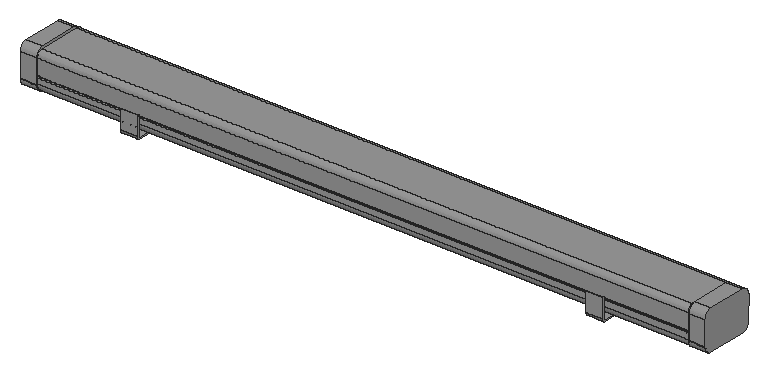
Revit family "EURS_63_LF_FB_Pacific LED_WT490C L1200", category Lighting Fixtures, host Face, Revit 2019
Family settings
  Host = Face
  Round Connector Dimension = Use Diameter
  Part Type = Normal
  Cut with Voids When Loaded = No
  Light Source = No
  Shared = Yes
  Room Calculation Point = No
Parameters
  Width = 96 mm
  Visibility 2D symbol [instance] = not(Visibility 2D outline)  # yes
  Visibility 2D outline [instance] = no
  URL = "http://www.lighting.philips.com/main/home"
  Type Comments = "Face Based"
  Side = 30 mm
  Product catalog - URL = "http://www.lighting.philips.com/main/prof/indoor-luminaires/waterproof-and-cleanroom/waterproof-luminaires/pacific-led-gen4/910925863792_EU/product"
  Order code = ""
  Model = "WT490C L1200"
  Manufacturer = "Philips"
  Light source = 82 mm
  Light loss factor = ""
  Length = 1221 mm
  Last IES update = "23-11-2021"
  Lamp type = WT490C IES Data : PSD EL3 L1200 1 xLED42S_830 NB-HRO
  Lamp = "LAMP TYPE"
  Initial luminous flux (lm) = ""
  Init. Corr. Color Temperature (K) = ""
  Hanger distance = 800 mm
  Hanger = 30 mm
  Fixture code = ""
  ETIM code URL = ""
  ETIM code = ""
  EOC = "EOC CODE"
  Description = "PacificLED Gen5"
  Default Elevation = 0 mm
  Content version = "1.0"
  Content modified date = "23-11-2021"
  Content creation date = "29-07-2021"
  Content Creator = "https://www.cadac.com/bimcontent"
  BIM Library - URL = "http://www.lighting.philips.com/main/support/support/revit-library#page=1"
  Armatuurcode [instance] = ""
  Apparent Load = 15.1 VA
  12NC = ""
Reference planes
  plane 1 "Center (Front/Back)": y = 0
  plane 2: z = 0
  plane 3 "Center (Left/Right)": x = 0
  plane 4: y = 48
  plane 5: y = -48
  plane 6: x = -610.5
  plane 7: x = 610.5
  plane 8: x = -400
  plane 9: x = 400
  plane 10 "Light source": z = 82
Forms (mm)
  Extrusion 1, solid, material "Polycarbonate"
    sketch origin (0, 0, 0) x (0, 1, 0) y (0, 0, 1)
      loop
        line (48, 25.295) -> (48, 35.5)
        arc (48, 35.5) -> (47.268, 37.268) -> (45.5, 38) r 2.5
        line (45.5, 38) -> (36, 38) -> (36, 58) -> (-36, 58) -> (-36, 38) -> (-45.5, 38)
        arc (-45.5, 38) -> (-47.268, 37.268) -> (-48, 35.5) r 2.5
        line (-48, 35.5) -> (-48, 25.295)
        arc (-48, 25.295) -> (-44.106, 15.894) -> (-34.705, 12) r 13.295
        line (-34.705, 12) -> (34.705, 12)
        arc (34.705, 12) -> (44.106, 15.894) -> (48, 25.295) r 13.295
    from -580.5 to 580.5
  Extrusion 2, solid, material "Polycarbonate-clear"
    sketch origin (0, 0, 0) x (0, 1, 0) y (0, 0, 1)
      loop
        arc (47.685, 38) -> (47.92, 38.568) -> (48, 39.178) r 2.359
        line (48, 39.178) -> (48, 68.018)
        arc (48, 68.018) -> (45.068, 75.097) -> (37.988, 78.03) r 10.012
        line (37.988, 78.03) -> (-38.064, 78.03)
        arc (-38.064, 78.03) -> (-45.179, 75.082) -> (-48.126, 67.967) r 10.062
        line (-48.126, 67.967) -> (-48.126, 39.501)
        arc (-48.126, 39.501) -> (-48.013, 38.719) -> (-47.685, 38) r 2.775
        line (-47.685, 38) -> (47.685, 38)
    from -580.5 to 580.5
  Extrusion 3, solid, material "Steel"
    sketch origin (0, 0, 0) x (0, 1, 0) y (0, 0, 1)
      loop
        line (48, 38) -> (48, 5.933)
        arc (48, 5.933) -> (46.848, 3.152) -> (44.067, 2) r 3.933
        line (44.067, 2) -> (-44.067, 2)
        arc (-44.067, 2) -> (-46.848, 3.152) -> (-48, 5.933) r 3.933
        line (-48, 5.933) -> (-48, 38) -> (-41, 38) -> (-41, 40) -> (-50, 40) -> (-50, 5.933)
        arc (-50, 5.933) -> (-48.262, 1.738) -> (-44.067, 0) r 5.933
        line (-44.067, 0) -> (44.067, 0)
        arc (44.067, 0) -> (48.262, 1.738) -> (50, 5.933) r 5.933
        line (50, 5.933) -> (50, 40) -> (41, 40) -> (41, 38) -> (48, 38)
    from 400 to 430
  Extrusion 4, solid, material "Steel"
    sketch origin (0, 0, 0) x (0, 1, 0) y (0, 0, 1)
      loop
        line (48, 38) -> (48, 5.933)
        arc (48, 5.933) -> (46.848, 3.152) -> (44.067, 2) r 3.933
        line (44.067, 2) -> (-44.067, 2)
        arc (-44.067, 2) -> (-46.848, 3.152) -> (-48, 5.933) r 3.933
        line (-48, 5.933) -> (-48, 38) -> (-41, 38) -> (-41, 40) -> (-50, 40) -> (-50, 5.933)
        arc (-50, 5.933) -> (-48.262, 1.738) -> (-44.067, 0) r 5.933
        line (-44.067, 0) -> (44.067, 0)
        arc (44.067, 0) -> (48.262, 1.738) -> (50, 5.933) r 5.933
        line (50, 5.933) -> (50, 40) -> (41, 40) -> (41, 38) -> (48, 38)
    from -430 to -400
  Extrusion 5, solid, material "Polycarbonate"
    sketch origin (0, 0, 0) x (0, 1, 0) y (0, 0, 1)
      loop
        line (34.705, 80) -> (-34.705, 80)
        arc (-34.705, 80) -> (-44.106, 76.106) -> (-48, 66.705) r 13.295
        line (-48, 66.705) -> (-48, 24.733) -> (-48, 23.295)
        arc (-48, 23.295) -> (-44.106, 13.894) -> (-34.705, 10) r 13.295
        line (-34.705, 10) -> (34.705, 10)
        arc (34.705, 10) -> (44.106, 13.894) -> (48, 23.295) r 13.295
        line (48, 23.295) -> (48, 25.812) -> (48, 66.705)
        arc (48, 66.705) -> (44.106, 76.106) -> (34.705, 80) r 13.295
    from 580.5 to 610.5
  Extrusion 6, solid, material "Polycarbonate"
    sketch origin (0, 0, 0) x (0, 1, 0) y (0, 0, -1)
      loop
        arc (34.705, -80) -> (44.106, -76.106) -> (48, -66.705) r 13.295
        line (48, -66.705) -> (48, -25.812) -> (48, -23.295)
        arc (48, -23.295) -> (44.106, -13.894) -> (34.705, -10) r 13.295
        line (34.705, -10) -> (-34.705, -10)
        arc (-34.705, -10) -> (-44.106, -13.894) -> (-48, -23.295) r 13.295
        line (-48, -23.295) -> (-48, -24.733) -> (-48, -66.705)
        arc (-48, -66.705) -> (-44.106, -76.106) -> (-34.705, -80) r 13.295
        line (-34.705, -80) -> (34.705, -80)
    from 580.5 to 610.5
Dimensions and locks
  equal spacing: host sketch curve, plane 1 "Center (Front/Back)", host sketch curve
  equal spacing: host sketch curve, plane 3 "Center (Left/Right)", host sketch curve
  equal spacing: plane 4, plane 1 "Center (Front/Back)", plane 5
  "Width": plane 4 to plane 5
  equal spacing: plane 7, plane 3 "Center (Left/Right)", plane 6
  "Length": plane 7 to plane 6
  "Side": Extrusion 5 to Extrusion 5
  equal spacing: plane 9, plane 3 "Center (Left/Right)", plane 8
  "Hanger distance": plane 9 to plane 8
  "Hanger": Extrusion 3 to Extrusion 3
  "Hanger": Extrusion 4 to Extrusion 4
  "Light source": plane 10 "Light source" to level
  "Side": Extrusion 6 to Extrusion 6
  aligned and locked: plane 2 to host face
  aligned and locked: level to host face
  aligned and locked: Extrusion 2 to Extrusion 5
  aligned and locked: Extrusion 1 to Extrusion 2
  aligned and locked: Extrusion 2 to Extrusion 1
  aligned and locked: Extrusion 2 to plane 4
  aligned and locked: plane 4 to Extrusion 4
  aligned and locked: Extrusion 4 to plane 5
  aligned and locked: plane 7 to Extrusion 5
  aligned and locked: Extrusion 3 to plane 9
  aligned and locked: plane 8 to Extrusion 4
  aligned and locked: Extrusion 6 to plane 6
  aligned and locked: Extrusion 2 to Extrusion 6
Automatic sketch dimensions
  Extrusion 1 sketch curve to plane 5 = 0 mm
  Extrusion 1 sketch curve to plane 4 = 0 mm
  Extrusion 1 sketch curve to Extrusion 1 sketch curve = 2.5 mm  (x2)
  Extrusion 1 sketch curve to Extrusion 1 sketch curve = 9.5 mm
  Extrusion 1 sketch curve to plane 5 = 13.295 mm
  Extrusion 1 sketch curve to Extrusion 1 sketch curve = 13.295 mm
  plane 4 to Extrusion 1 sketch curve = 12 mm
  level to Extrusion 1 sketch curve = 12 mm
  Extrusion 1 sketch curve to Extrusion 1 sketch curve = 10.205 mm  (x2)
  Extrusion 1 sketch curve to Extrusion 1 sketch curve = 20 mm
  Extrusion 2 sketch curve to plane 4 = 0 mm
  plane 4 to Extrusion 2 sketch curve = 0.315 mm
  Extrusion 2 sketch curve to Extrusion 2 sketch curve = 2.044 mm
  Extrusion 2 sketch curve to plane 10 "Light source" = 3.97 mm
  plane 4 to Extrusion 2 sketch curve = 10.012 mm
  Extrusion 2 sketch curve to plane 5 = 9.936 mm
  Extrusion 2 sketch curve to plane 5 = 2.649 mm
  Extrusion 2 sketch curve to plane 5 = 0.315 mm
  plane 5 to Extrusion 2 sketch curve = 0.126 mm
  Extrusion 2 sketch curve to Extrusion 2 sketch curve = 28.466 mm
  Extrusion 3 sketch curve to Extrusion 3 sketch curve = 0 mm  (x4)
  Extrusion 3 sketch curve to plane 5 = 0 mm
  Extrusion 3 sketch curve to level = 0 mm
  Extrusion 3 sketch curve to plane 4 = 0 mm
  Extrusion 3 sketch curve to Extrusion 3 sketch curve = 2 mm  (x3)
  Extrusion 3 sketch curve to Extrusion 3 sketch curve = 3.933 mm
  Extrusion 3 sketch curve to plane 5 = 7 mm
  Extrusion 3 sketch curve to Extrusion 3 sketch curve = 7 mm
  plane 4 to Extrusion 3 sketch curve = 3.933 mm
  Extrusion 3 sketch curve to Extrusion 3 sketch curve = 32.067 mm  (x2)
  Extrusion 4 sketch curve to Extrusion 4 sketch curve = 0 mm  (x4)
  Extrusion 4 sketch curve to plane 5 = 0 mm
  Extrusion 4 sketch curve to level = 0 mm
  Extrusion 4 sketch curve to plane 4 = 0 mm
  Extrusion 4 sketch curve to Extrusion 4 sketch curve = 2 mm  (x3)
  Extrusion 4 sketch curve to plane 5 = 3.933 mm
  Extrusion 4 sketch curve to plane 5 = 7 mm
  Extrusion 4 sketch curve to Extrusion 4 sketch curve = 7 mm
  plane 4 to Extrusion 4 sketch curve = 3.933 mm
  Extrusion 4 sketch curve to Extrusion 4 sketch curve = 32.067 mm  (x2)
  Extrusion 5 sketch curve to plane 5 = 0 mm
  Extrusion 5 sketch curve to plane 4 = 0 mm
  Extrusion 5 sketch curve to plane 10 "Light source" = 2 mm
  Extrusion 5 sketch curve to plane 5 = 13.295 mm
  Extrusion 5 sketch curve to Extrusion 5 sketch curve = 13.295 mm  (x2)
  plane 4 to Extrusion 5 sketch curve = 13.295 mm
  level to Extrusion 5 sketch curve = 25.812 mm
  level to Extrusion 5 sketch curve = 24.733 mm
  Extrusion 5 sketch curve to Extrusion 5 sketch curve = 1.438 mm
  Extrusion 6 sketch curve to plane 5 = 0 mm
  Extrusion 6 sketch curve to plane 4 = 0 mm
  Extrusion 6 sketch curve to plane 10 "Light source" = 2 mm
  Extrusion 6 sketch curve to plane 5 = 13.295 mm
  Extrusion 6 sketch curve to Extrusion 6 sketch curve = 13.295 mm  (x2)
  plane 4 to Extrusion 6 sketch curve = 13.295 mm
  level to Extrusion 6 sketch curve = 25.812 mm
  level to Extrusion 6 sketch curve = 24.733 mm
  Extrusion 6 sketch curve to Extrusion 6 sketch curve = 1.438 mm
Nested families
  nested 1: "2D-PL-Rechthoekig" at (0, 0, 0), Width <- "Width", lengte <- "Length", visible <- "Visibility 2D outline", type "2D symbool"
    with lengte 1221 mm, Width 96 mm
  nested 2: "PL-TL armatuur plafond rechthoekig" at (0, 0, 0), visible <- "Visibility 2D symbol", l1 <- "Length", type "armatuur tl_generiek"
    with lengte 1200 mm, l1 1221 mm
  nested 3: "WT490C IES Data" at (-0.001, -0.006, 82) x (1, 0, 0) z (0, 0, -1), type <- "Lamp type", type "PSD EL3 L1200 1 xLED42S_830 NB-HRO"
Connectors
  electrical at (0, 0, 0), driven by "Apparent Load"
    settings: on host face, index 1, voltage 230 V, apparent load 0 VA, apparent load phase1 15.1 VA, apparent load phase2 0 VA, apparent load phase3 0 VA, power factor 1, load classification "Lighting", number of poles 1, system type 31, power factor state 1, is connector primary yes, connector utility no, sub classification motor no, connector description ""
Definition of nested family "2D-PL-Rechthoekig"
  Parameters (values of type "2D symbool")
    lengte [instance] = 1200 mm
    Width [instance] = 100 mm
    Type Comments = "GEEN CALCULATIEOBJECT"
    Manufacturer = ""
    Description = "Armatuur 2D symbool"
    Copyright © Cadac = "www.cadac.com/aec"
    Cadac content versie = ""
    Assembly Code = ""
  Reference planes
    plane 1 "Center (Front/Back)": y = 0
    plane 2: z = 0
    plane 3 "Center (Left/Right)": x = 0
    plane 4: y = 150
    plane 5: y = -150
    plane 6: y = 176.777
    plane 7: x = -176.777
    plane 8: x = 176.777
    plane 9: y = -176.777
    plane 10 "Cadac Group AEC": y = 0
    plane 11: y = 400
    plane 12: y = -191.421
    plane 13: y = -206.066
    plane 14: y = -220.711
    plane 15: y = -235.355
  Lines and regions (mm)
    symbolic lines
      curve 1: line (600, 50, 0) -> (600, -50, 0)
      curve 2: line (-600, 50, 0) -> (-600, -50, 0)
      curve 3: line (-600, 50, 0) -> (600, 50, 0)
      curve 4: line (-600, -50, 0) -> (600, -50, 0)
  Dimensions and locks
    equal spacing: curve 2, plane 3 "Center (Left/Right)", curve 1
    "lengte": curve 2 to curve 1
    equal spacing: plane 5, plane 1 "Center (Front/Back)", plane 4
    locked: plane 4 to plane 5 at 300
    equal spacing: curve 4, plane 1 "Center (Front/Back)", curve 3
    "Width": curve 4 to curve 3
    locked: plane 7 to plane 8 at 353.553
    locked: plane 6 to plane 9 at 353.553
    equal spacing: plane 7, plane 3 "Center (Left/Right)", plane 8
    equal spacing: plane 6, plane 1 "Center (Front/Back)", plane 9
    locked: plane 1 "Center (Front/Back)" to plane 11 at 400
    equal spacing: plane 9, plane 12, plane 13, plane 14, plane 15
    locked: plane 9 to plane 15 at 58.579
    aligned and locked: plane 10 "Cadac Group AEC" to plane 1 "Center (Front/Back)"
Definition of nested family "PL-TL armatuur plafond rechthoekig"
  Parameters (values of type "armatuur tl_generiek")
    radius cirkel = 75 mm
    lengte [instance] = 1200 mm
    l1 [instance] = 1200 mm
    b2 = b1 * 2  # 100 mm
    b1 = 50 mm
    Type Comments = "GEEN CALCULATIEOBJECT"  # constant formula
    Manufacturer = ""
    Length lines in cirkel = (radius cirkel * 2) - 70 mm  # 80 mm
    Description = "Armatuur TL"
    Copyright © Cadac = "www.cadac.com/aec"
    Cadac content versie = "3.2"  # constant formula
    Assembly Code = ""
  Types (2, lengths in mm): name | radius cirkel | b2 | b1 | Length lines in cirkel
    armatuur tl_generiek | 75 | 100 | 50 | 80
    armatuur tl | 125 | 200 | 100 | 180
  Reference planes
    plane 1 "Center (Front/Back)": y = 0
    plane 2: z = 0
    plane 3 "Center (Left/Right)": x = 0
    plane 4: y = 50
    plane 5: y = -50
    plane 6: y = 176.777
    plane 7: x = -40
    plane 8: x = 40
    plane 9: y = -176.777
    plane 10 "Cadac Group AEC": y = 0
    plane 11: y = 400
    plane 12: y = -191.421
    plane 13: y = -206.066
    plane 14: y = -220.711
    plane 15: y = -235.355
  Lines and regions (mm)
    symbolic lines
      curve 1: circle (0, 0, 0) r 75 normal (0, 0, 1)
      curve 2: line (600, 50, 0) -> (600, -50, 0)
      curve 3: line (600, -8.333, 0) -> (74.536, -8.333, 0)
      curve 4: line (600, 8.333, 0) -> (74.536, 8.333, 0)
      curve 5: line (600, 25, 0) -> (70.711, 25, 0)
      curve 6: line (600, -25, 0) -> (70.711, -25, 0)
      curve 7: line (-600, 50, 0) -> (-600, -50, 0)
      curve 8: line (-600, -8.333, 0) -> (-74.536, -8.333, 0)
      curve 9: line (-600, 8.333, 0) -> (-74.536, 8.333, 0)
      curve 10: line (-600, 25, 0) -> (-70.711, 25, 0)
      curve 11: line (-600, -25, 0) -> (-70.711, -25, 0)
      curve 12: line (-40, 63.443, 0) -> (40, -63.443, 0)
      curve 13: line (-40, -63.443, 0) -> (40, 63.443, 0)
  Dimensions and locks
    equal spacing: curve 7, plane 3 "Center (Left/Right)", curve 2
    "l1": curve 7 to curve 2
    equal spacing: plane 5, plane 1 "Center (Front/Back)", plane 4
    equal spacing: curve 5, curve 4, curve 3, curve 6
    equal spacing: curve 5, plane 1 "Center (Front/Back)", curve 6
    "b1": curve 5 to curve 6
    equal spacing: curve 11, curve 8, curve 9, curve 10
    equal spacing: curve 11, plane 1 "Center (Front/Back)", curve 10
    "b1": curve 11 to curve 10
    "Length lines in cirkel": plane 7 to plane 8
    locked: plane 6 to plane 9 at 353.553
    equal spacing: plane 7, plane 3 "Center (Left/Right)", plane 8
    equal spacing: plane 6, plane 1 "Center (Front/Back)", plane 9
    locked: plane 1 "Center (Front/Back)" to plane 11 at 400
    equal spacing: plane 9, plane 12, plane 13, plane 14, plane 15
    locked: plane 9 to plane 15 at 58.579
    "b2": plane 5 to plane 4
    "radius cirkel": radius of curve 1
    aligned and locked: plane 4 to curve 7
    aligned and locked: plane 4 to curve 2
    aligned and locked: plane 5 to curve 2
    aligned and locked: plane 5 to curve 7
    aligned and locked: plane 10 "Cadac Group AEC" to plane 1 "Center (Front/Back)"
    aligned and locked: plane 7 to curve 12
    aligned and locked: plane 7 to curve 13
    aligned and locked: plane 8 to curve 13
    aligned and locked: plane 8 to curve 12
  Automatic sketch dimensions
    plane 1 "Center (Front/Back)" to curve 1 = 0 mm
    curve 1 to plane 3 "Center (Left/Right)" = 0 mm
Definition of nested family "WT490C IES Data"
  Parameters (values of type "SIA L1200 1 xLED80S_840 WB")
    Wattage = 51 W
    built-in parameter 1150110 = 1 (stored number, unit not read)
    built-in parameter 1114217 = 1 (stored number, unit not read)
    Tilt Angle = 90.00°
    built-in parameter 1150109 = 1 (stored number, unit not read)
    built-in parameter 1150134 = 12
    built-in parameter 1150113 = 1 (stored number, unit not read)
    Photometric Web File = "WT490C SIA L1200 1 xLED80S_840 WB.ies"
    Model = "WT490C"
    Manufacturer = "Philips"
    built-in parameter 1150105 = 636.62 (stored number, unit not read)
    Lumens = 8000 lm
    built-in parameter 1150115 = 1 (stored number, unit not read)
    built-in parameter 1150137 = (empty or 0)
    built-in parameter 1150139 = (empty or 0)
    built-in parameter 1150112 = 1 (stored number, unit not read)
    built-in parameter 1150114 = 1 (stored number, unit not read)
    Lamp = "LED80S/840"
    built-in parameter 1150132 = (empty or 0)
    built-in parameter 1150102 = (empty or 0)
    built-in parameter 1150107 = 4000 (stored number, unit not read)
    built-in parameter 1150138 = (empty or 0)
    built-in parameter 1150106 = 6.3662 (stored number, unit not read)
    Emit from Rectangle Width = 90 mm
    Emit from Rectangle Length = 1170 mm
    Emit Shape Visible in Rendering = yes
    built-in parameter 1150104 = 14.573 (stored number, unit not read)
    Dimming Lamp Color Temperature Shift = (empty or 0)
    Description = ""
    Default Elevation = 0 mm
    Content Creator = "https://www.cadac.com/bimcontent"
    Color Filter = 16777215
    built-in parameter 1114218 = 1 (stored number, unit not read)
    built-in parameter 1150133 = 10 (stored number, unit not read)
    Apparent Load = 51 VA
  Types (144, lengths in mm): name | Wattage | built-in parameter 1150134 | Photometric Web File | built-in parameter 1150105 | Lumens | Lamp | built-in parameter 1150107 | built-in parameter 1150106 | built-in parameter 1150104 | Apparent Load
    SIA L1200 1 xLED80S_840 WB | 51 W | 12 | "WT490C SIA L1200 1 xLED80S_840 WB.ies" | 636.62 (stored number, unit not read) | 8000 lm | "LED80S/840" | 4000 (stored number, unit not read) | 6.3662 (stored number, unit not read) | 14.573 (stored number, unit not read) | 51 VA
    SIA L1200 1 xLED80S_840 VWB | 51 W | 12 | "WT490C SIA L1200 1 xLED80S_840 VWB.ies" | 636.62 (stored number, unit not read) | 8000 lm | "LED80S/840" | 4000 (stored number, unit not read) | 6.3662 (stored number, unit not read) | 14.573 (stored number, unit not read) | 51 VA
    SIA L1200 1 xLED80S_840 NB-HRO | 51 W | 12 | "WT490C SIA L1200 1 xLED80S_840 NB-HRO.ies" | 636.62 (stored number, unit not read) | 8000 lm | "LED80S/840" | 4000 (stored number, unit not read) | 6.3662 (stored number, unit not read) | 14.573 (stored number, unit not read) | 51 VA
    SIA L1200 1 xLED80S_830 WB | 51 W | (empty or 0) | "WT490C SIA L1200 1 xLED80S_830 WB.ies" | 588.87 (stored number, unit not read) | 7400 lm | "LED80S/830" | 3000 (stored number, unit not read) | 5.8887 (stored number, unit not read) | 13.48 (stored number, unit not read) | 51 VA
    SIA L1200 1 xLED80S_830 VWB | 51 W | (empty or 0) | "WT490C SIA L1200 1 xLED80S_830 VWB.ies" | 588.87 (stored number, unit not read) | 7400 lm | "LED80S/830" | 3000 (stored number, unit not read) | 5.8887 (stored number, unit not read) | 13.48 (stored number, unit not read) | 51 VA
    SIA L1200 1 xLED80S_830 NB-HRO | 51 W | (empty or 0) | "WT490C SIA L1200 1 xLED80S_830 NB-HRO.ies" | 588.87 (stored number, unit not read) | 7400 lm | "LED80S/830" | 3000 (stored number, unit not read) | 5.8887 (stored number, unit not read) | 13.48 (stored number, unit not read) | 51 VA
    SIA L1200 1 xLED64S_840 WB | 40 W | 12 | "WT490C SIA L1200 1 xLED64S_840 WB.ies" | 509.3 (stored number, unit not read) | 6400 lm | "LED64S/840" | 4000 (stored number, unit not read) | 5.093 (stored number, unit not read) | 14.864 (stored number, unit not read) | 40 VA
    SIA L1200 1 xLED64S_840 VWB | 40 W | 12 | "WT490C SIA L1200 1 xLED64S_840 VWB.ies" | 509.3 (stored number, unit not read) | 6400 lm | "LED64S/840" | 4000 (stored number, unit not read) | 5.093 (stored number, unit not read) | 14.864 (stored number, unit not read) | 40 VA
    SIA L1200 1 xLED64S_840 NB-HRO | 40 W | 12 | "WT490C SIA L1200 1 xLED64S_840 NB-HRO.ies" | 509.3 (stored number, unit not read) | 6400 lm | "LED64S/840" | 4000 (stored number, unit not read) | 5.093 (stored number, unit not read) | 14.864 (stored number, unit not read) | 40 VA
    SIA L1200 1 xLED64S_830 WB | 40 W | (empty or 0) | "WT490C SIA L1200 1 xLED64S_830 WB.ies" | 477.46 (stored number, unit not read) | 6000 lm | "LED64S/830" | 3000 (stored number, unit not read) | 4.7746 (stored number, unit not read) | 13.935 (stored number, unit not read) | 40 VA
    SIA L1200 1 xLED64S_830 VWB | 40 W | (empty or 0) | "WT490C SIA L1200 1 xLED64S_830 VWB.ies" | 477.46 (stored number, unit not read) | 6000 lm | "LED64S/830" | 3000 (stored number, unit not read) | 4.7746 (stored number, unit not read) | 13.935 (stored number, unit not read) | 40 VA
    SIA L1200 1 xLED64S_830 NB-HRO | 40 W | (empty or 0) | "WT490C SIA L1200 1 xLED64S_830 NB-HRO.ies" | 477.46 (stored number, unit not read) | 6000 lm | "LED64S/830" | 3000 (stored number, unit not read) | 4.7746 (stored number, unit not read) | 13.935 (stored number, unit not read) | 40 VA
    SIA L1200 1 xLED42S_840 WB | 26 W | 12 | "WT490C SIA L1200 1 xLED42S_840 WB.ies" | 334.23 (stored number, unit not read) | 4200 lm | "LED42S/840" | 4000 (stored number, unit not read) | 3.3423 (stored number, unit not read) | 15.007 (stored number, unit not read) | 26 VA
    SIA L1200 1 xLED42S_840 VWB | 26 W | 12 | "WT490C SIA L1200 1 xLED42S_840 VWB.ies" | 334.23 (stored number, unit not read) | 4200 lm | "LED42S/840" | 4000 (stored number, unit not read) | 3.3423 (stored number, unit not read) | 15.007 (stored number, unit not read) | 26 VA
    SIA L1200 1 xLED42S_840 NB-HRO | 26 W | 12 | "WT490C SIA L1200 1 xLED42S_840 NB-HRO.ies" | 334.23 (stored number, unit not read) | 4200 lm | "LED42S/840" | 4000 (stored number, unit not read) | 3.3423 (stored number, unit not read) | 15.007 (stored number, unit not read) | 26 VA
    SIA L1200 1 xLED42S_830 WB | 26 W | (empty or 0) | "WT490C SIA L1200 1 xLED42S_830 WB.ies" | 318.31 (stored number, unit not read) | 4000 lm | "LED42S/830" | 3000 (stored number, unit not read) | 3.1831 (stored number, unit not read) | 14.293 (stored number, unit not read) | 26 VA
    SIA L1200 1 xLED42S_830 VWB | 26 W | (empty or 0) | "WT490C SIA L1200 1 xLED42S_830 VWB.ies" | 318.31 (stored number, unit not read) | 4000 lm | "LED42S/830" | 3000 (stored number, unit not read) | 3.1831 (stored number, unit not read) | 14.293 (stored number, unit not read) | 26 VA
    SIA L1200 1 xLED42S_830 NB-HRO | 26 W | (empty or 0) | "WT490C SIA L1200 1 xLED42S_830 NB-HRO.ies" | 318.31 (stored number, unit not read) | 4000 lm | "LED42S/830" | 3000 (stored number, unit not read) | 3.1831 (stored number, unit not read) | 14.293 (stored number, unit not read) | 26 VA
    SIA L1200 1 xLED100S_840 WB | 65 W | 12 | "WT490C SIA L1200 1 xLED100S_840 WB.ies" | 795.77 (stored number, unit not read) | 10000 lm | "LED100S/840" | 4000 (stored number, unit not read) | 7.9577 (stored number, unit not read) | 14.293 (stored number, unit not read) | 65 VA
    SIA L1200 1 xLED100S_840 VWB | 65 W | 12 | "WT490C SIA L1200 1 xLED100S_840 VWB.ies" | 795.77 (stored number, unit not read) | 10000 lm | "LED100S/840" | 4000 (stored number, unit not read) | 7.9577 (stored number, unit not read) | 14.293 (stored number, unit not read) | 65 VA
    SIA L1200 1 xLED100S_840 NB-HRO | 65 W | 12 | "WT490C SIA L1200 1 xLED100S_840 NB-HRO.ies" | 795.77 (stored number, unit not read) | 10000 lm | "LED100S/840" | 4000 (stored number, unit not read) | 7.9577 (stored number, unit not read) | 14.293 (stored number, unit not read) | 65 VA
    SIA L1200 1 xLED100S_830 WB | 65 W | (empty or 0) | "WT490C SIA L1200 1 xLED100S_830 WB.ies" | 748.03 (stored number, unit not read) | 9400 lm | "LED100S/830" | 3000 (stored number, unit not read) | 7.4803 (stored number, unit not read) | 13.435 (stored number, unit not read) | 65 VA
    SIA L1200 1 xLED100S_830 VWB | 65 W | (empty or 0) | "WT490C SIA L1200 1 xLED100S_830 VWB.ies" | 748.03 (stored number, unit not read) | 9400 lm | "LED100S/830" | 3000 (stored number, unit not read) | 7.4803 (stored number, unit not read) | 13.435 (stored number, unit not read) | 65 VA
    SIA L1200 1 xLED100S_830 NB-HRO | 65 W | (empty or 0) | "WT490C SIA L1200 1 xLED100S_830 NB-HRO.ies" | 748.03 (stored number, unit not read) | 9400 lm | "LED100S/830" | 3000 (stored number, unit not read) | 7.4803 (stored number, unit not read) | 13.435 (stored number, unit not read) | 65 VA
    SIA EL3 L1200 1 xLED80S_840 WB | 3 W | 12 | "WT490C SIA EL3 L1200 1 xLED80S_840 WB.ies" | 39.789 (stored number, unit not read) | 500 lm | "LED80S/840" | 4000 (stored number, unit not read) | 0.39789 (stored number, unit not read) | 15.484 (stored number, unit not read) | 3 VA
    SIA EL3 L1200 1 xLED80S_840 VWB | 3 W | 12 | "WT490C SIA EL3 L1200 1 xLED80S_840 VWB.ies" | 39.789 (stored number, unit not read) | 500 lm | "LED80S/840" | 4000 (stored number, unit not read) | 0.39789 (stored number, unit not read) | 15.484 (stored number, unit not read) | 3 VA
    SIA EL3 L1200 1 xLED80S_840 NB-HRO | 3 W | 12 | "WT490C SIA EL3 L1200 1 xLED80S_840 NB-HRO.ies" | 39.789 (stored number, unit not read) | 500 lm | "LED80S/840" | 4000 (stored number, unit not read) | 0.39789 (stored number, unit not read) | 15.484 (stored number, unit not read) | 3 VA
    SIA EL3 L1200 1 xLED80S_830 WB | 3 W | (empty or 0) | "WT490C SIA EL3 L1200 1 xLED80S_830 WB.ies" | 39.789 (stored number, unit not read) | 500 lm | "LED80S/830" | 3000 (stored number, unit not read) | 0.39789 (stored number, unit not read) | 15.484 (stored number, unit not read) | 3 VA
    SIA EL3 L1200 1 xLED80S_830 VWB | 3 W | (empty or 0) | "WT490C SIA EL3 L1200 1 xLED80S_830 VWB.ies" | 39.789 (stored number, unit not read) | 500 lm | "LED80S/830" | 3000 (stored number, unit not read) | 0.39789 (stored number, unit not read) | 15.484 (stored number, unit not read) | 3 VA
    SIA EL3 L1200 1 xLED80S_830 NB-HRO | 3 W | (empty or 0) | "WT490C SIA EL3 L1200 1 xLED80S_830 NB-HRO.ies" | 39.789 (stored number, unit not read) | 500 lm | "LED80S/830" | 3000 (stored number, unit not read) | 0.39789 (stored number, unit not read) | 15.484 (stored number, unit not read) | 3 VA
    SIA EL3 L1200 1 xLED64S_840 WB | 3 W | 12 | "WT490C SIA EL3 L1200 1 xLED64S_840 WB.ies" | 39.789 (stored number, unit not read) | 500 lm | "LED64S/840" | 4000 (stored number, unit not read) | 0.39789 (stored number, unit not read) | 15.484 (stored number, unit not read) | 3 VA
    SIA EL3 L1200 1 xLED64S_840 VWB | 3 W | 12 | "WT490C SIA EL3 L1200 1 xLED64S_840 VWB.ies" | 39.789 (stored number, unit not read) | 500 lm | "LED64S/840" | 4000 (stored number, unit not read) | 0.39789 (stored number, unit not read) | 15.484 (stored number, unit not read) | 3 VA
    SIA EL3 L1200 1 xLED64S_840 NB-HRO | 3 W | 12 | "WT490C SIA EL3 L1200 1 xLED64S_840 NB-HRO.ies" | 39.789 (stored number, unit not read) | 500 lm | "LED64S/840" | 4000 (stored number, unit not read) | 0.39789 (stored number, unit not read) | 15.484 (stored number, unit not read) | 3 VA
    SIA EL3 L1200 1 xLED64S_830 WB | 3 W | (empty or 0) | "WT490C SIA EL3 L1200 1 xLED64S_830 WB.ies" | 39.789 (stored number, unit not read) | 500 lm | "LED64S/830" | 3000 (stored number, unit not read) | 0.39789 (stored number, unit not read) | 15.484 (stored number, unit not read) | 3 VA
    SIA EL3 L1200 1 xLED64S_830 VWB | 3 W | (empty or 0) | "WT490C SIA EL3 L1200 1 xLED64S_830 VWB.ies" | 39.789 (stored number, unit not read) | 500 lm | "LED64S/830" | 3000 (stored number, unit not read) | 0.39789 (stored number, unit not read) | 15.484 (stored number, unit not read) | 3 VA
    SIA EL3 L1200 1 xLED64S_830 NB-HRO | 3 W | (empty or 0) | "WT490C SIA EL3 L1200 1 xLED64S_830 NB-HRO.ies" | 39.789 (stored number, unit not read) | 500 lm | "LED64S/830" | 3000 (stored number, unit not read) | 0.39789 (stored number, unit not read) | 15.484 (stored number, unit not read) | 3 VA
    SIA EL3 L1200 1 xLED42S_840 WB | 3 W | 12 | "WT490C SIA EL3 L1200 1 xLED42S_840 WB.ies" | 39.789 (stored number, unit not read) | 500 lm | "LED42S/840" | 4000 (stored number, unit not read) | 0.39789 (stored number, unit not read) | 15.484 (stored number, unit not read) | 3 VA
    SIA EL3 L1200 1 xLED42S_840 VWB | 3 W | 12 | "WT490C SIA EL3 L1200 1 xLED42S_840 VWB.ies" | 39.789 (stored number, unit not read) | 500 lm | "LED42S/840" | 4000 (stored number, unit not read) | 0.39789 (stored number, unit not read) | 15.484 (stored number, unit not read) | 3 VA
    SIA EL3 L1200 1 xLED42S_840 NB-HRO | 3 W | 12 | "WT490C SIA EL3 L1200 1 xLED42S_840 NB-HRO.ies" | 39.789 (stored number, unit not read) | 500 lm | "LED42S/840" | 4000 (stored number, unit not read) | 0.39789 (stored number, unit not read) | 15.484 (stored number, unit not read) | 3 VA
    SIA EL3 L1200 1 xLED42S_830 WB | 3 W | (empty or 0) | "WT490C SIA EL3 L1200 1 xLED42S_830 WB.ies" | 39.789 (stored number, unit not read) | 500 lm | "LED42S/830" | 3000 (stored number, unit not read) | 0.39789 (stored number, unit not read) | 15.484 (stored number, unit not read) | 3 VA
    SIA EL3 L1200 1 xLED42S_830 VWB | 3 W | (empty or 0) | "WT490C SIA EL3 L1200 1 xLED42S_830 VWB.ies" | 39.789 (stored number, unit not read) | 500 lm | "LED42S/830" | 3000 (stored number, unit not read) | 0.39789 (stored number, unit not read) | 15.484 (stored number, unit not read) | 3 VA
    SIA EL3 L1200 1 xLED42S_830 NB-HRO | 3 W | (empty or 0) | "WT490C SIA EL3 L1200 1 xLED42S_830 NB-HRO.ies" | 39.789 (stored number, unit not read) | 500 lm | "LED42S/830" | 3000 (stored number, unit not read) | 0.39789 (stored number, unit not read) | 15.484 (stored number, unit not read) | 3 VA
    SIA EL3 L1200 1 xLED100S_840 WB | 3 W | 12 | "WT490C SIA EL3 L1200 1 xLED100S_840 WB.ies" | 39.789 (stored number, unit not read) | 500 lm | "LED100S/840" | 4000 (stored number, unit not read) | 0.39789 (stored number, unit not read) | 15.484 (stored number, unit not read) | 3 VA
    SIA EL3 L1200 1 xLED100S_840 VWB | 3 W | 12 | "WT490C SIA EL3 L1200 1 xLED100S_840 VWB.ies" | 39.789 (stored number, unit not read) | 500 lm | "LED100S/840" | 4000 (stored number, unit not read) | 0.39789 (stored number, unit not read) | 15.484 (stored number, unit not read) | 3 VA
    SIA EL3 L1200 1 xLED100S_840 NB-HRO | 3 W | 12 | "WT490C SIA EL3 L1200 1 xLED100S_840 NB-HRO.ies" | 39.789 (stored number, unit not read) | 500 lm | "LED100S/840" | 4000 (stored number, unit not read) | 0.39789 (stored number, unit not read) | 15.484 (stored number, unit not read) | 3 VA
    SIA EL3 L1200 1 xLED100S_830 WB | 3 W | (empty or 0) | "WT490C SIA EL3 L1200 1 xLED100S_830 WB.ies" | 39.789 (stored number, unit not read) | 500 lm | "LED100S/830" | 3000 (stored number, unit not read) | 0.39789 (stored number, unit not read) | 15.484 (stored number, unit not read) | 3 VA
    SIA EL3 L1200 1 xLED100S_830 VWB | 3 W | (empty or 0) | "WT490C SIA EL3 L1200 1 xLED100S_830 VWB.ies" | 39.789 (stored number, unit not read) | 500 lm | "LED100S/830" | 3000 (stored number, unit not read) | 0.39789 (stored number, unit not read) | 15.484 (stored number, unit not read) | 3 VA
    SIA EL3 L1200 1 xLED100S_830 NB-HRO | 3 W | (empty or 0) | "WT490C SIA EL3 L1200 1 xLED100S_830 NB-HRO.ies" | 39.789 (stored number, unit not read) | 500 lm | "LED100S/830" | 3000 (stored number, unit not read) | 0.39789 (stored number, unit not read) | 15.484 (stored number, unit not read) | 3 VA
    PSU L1200 1 xLED80S_840 WB | 51 W | 12 | "WT490C PSU L1200 1 xLED80S_840 WB.ies" | 636.62 (stored number, unit not read) | 8000 lm | "LED80S/840" | 4000 (stored number, unit not read) | 6.3662 (stored number, unit not read) | 14.573 (stored number, unit not read) | 51 VA
    PSU L1200 1 xLED80S_840 VWB | 51 W | 12 | "WT490C PSU L1200 1 xLED80S_840 VWB.ies" | 636.62 (stored number, unit not read) | 8000 lm | "LED80S/840" | 4000 (stored number, unit not read) | 6.3662 (stored number, unit not read) | 14.573 (stored number, unit not read) | 51 VA
    PSU L1200 1 xLED80S_840 NB-HRO | 51 W | 12 | "WT490C PSU L1200 1 xLED80S_840 NB-HRO.ies" | 636.62 (stored number, unit not read) | 8000 lm | "LED80S/840" | 4000 (stored number, unit not read) | 6.3662 (stored number, unit not read) | 14.573 (stored number, unit not read) | 51 VA
    PSU L1200 1 xLED80S_830 WB | 51 W | (empty or 0) | "WT490C PSU L1200 1 xLED80S_830 WB.ies" | 588.87 (stored number, unit not read) | 7400 lm | "LED80S/830" | 3000 (stored number, unit not read) | 5.8887 (stored number, unit not read) | 13.48 (stored number, unit not read) | 51 VA
    PSU L1200 1 xLED80S_830 VWB | 51 W | (empty or 0) | "WT490C PSU L1200 1 xLED80S_830 VWB.ies" | 588.87 (stored number, unit not read) | 7400 lm | "LED80S/830" | 3000 (stored number, unit not read) | 5.8887 (stored number, unit not read) | 13.48 (stored number, unit not read) | 51 VA
    PSU L1200 1 xLED80S_830 NB-HRO | 51 W | (empty or 0) | "WT490C PSU L1200 1 xLED80S_830 NB-HRO.ies" | 588.87 (stored number, unit not read) | 7400 lm | "LED80S/830" | 3000 (stored number, unit not read) | 5.8887 (stored number, unit not read) | 13.48 (stored number, unit not read) | 51 VA
    PSU L1200 1 xLED64S_840 WB | 40 W | 12 | "WT490C PSU L1200 1 xLED64S_840 WB.ies" | 509.3 (stored number, unit not read) | 6400 lm | "LED64S/840" | 4000 (stored number, unit not read) | 5.093 (stored number, unit not read) | 14.864 (stored number, unit not read) | 40 VA
    PSU L1200 1 xLED64S_840 VWB | 40 W | 12 | "WT490C PSU L1200 1 xLED64S_840 VWB.ies" | 509.3 (stored number, unit not read) | 6400 lm | "LED64S/840" | 4000 (stored number, unit not read) | 5.093 (stored number, unit not read) | 14.864 (stored number, unit not read) | 40 VA
    PSU L1200 1 xLED64S_840 NB-HRO | 40 W | 12 | "WT490C PSU L1200 1 xLED64S_840 NB-HRO.ies" | 509.3 (stored number, unit not read) | 6400 lm | "LED64S/840" | 4000 (stored number, unit not read) | 5.093 (stored number, unit not read) | 14.864 (stored number, unit not read) | 40 VA
    PSU L1200 1 xLED64S_830 WB | 40 W | (empty or 0) | "WT490C PSU L1200 1 xLED64S_830 WB.ies" | 477.46 (stored number, unit not read) | 6000 lm | "LED64S/830" | 3000 (stored number, unit not read) | 4.7746 (stored number, unit not read) | 13.935 (stored number, unit not read) | 40 VA
    PSU L1200 1 xLED64S_830 VWB | 40 W | (empty or 0) | "WT490C PSU L1200 1 xLED64S_830 VWB.ies" | 477.46 (stored number, unit not read) | 6000 lm | "LED64S/830" | 3000 (stored number, unit not read) | 4.7746 (stored number, unit not read) | 13.935 (stored number, unit not read) | 40 VA
    PSU L1200 1 xLED64S_830 NB-HRO | 40 W | (empty or 0) | "WT490C PSU L1200 1 xLED64S_830 NB-HRO.ies" | 477.46 (stored number, unit not read) | 6000 lm | "LED64S/830" | 3000 (stored number, unit not read) | 4.7746 (stored number, unit not read) | 13.935 (stored number, unit not read) | 40 VA
    PSU L1200 1 xLED42S_840 WB | 25.5 W | 12 | "WT490C PSU L1200 1 xLED42S_840 WB.ies" | 334.23 (stored number, unit not read) | 4200 lm | "LED42S/840" | 4000 (stored number, unit not read) | 3.3423 (stored number, unit not read) | 15.302 (stored number, unit not read) | 25.5 VA
    PSU L1200 1 xLED42S_840 VWB | 25.5 W | 12 | "WT490C PSU L1200 1 xLED42S_840 VWB.ies" | 334.23 (stored number, unit not read) | 4200 lm | "LED42S/840" | 4000 (stored number, unit not read) | 3.3423 (stored number, unit not read) | 15.302 (stored number, unit not read) | 25.5 VA
    PSU L1200 1 xLED42S_840 NB-HRO | 25.5 W | 12 | "WT490C PSU L1200 1 xLED42S_840 NB-HRO.ies" | 334.23 (stored number, unit not read) | 4200 lm | "LED42S/840" | 4000 (stored number, unit not read) | 3.3423 (stored number, unit not read) | 15.302 (stored number, unit not read) | 25.5 VA
    PSU L1200 1 xLED42S_830 WB | 25.5 W | (empty or 0) | "WT490C PSU L1200 1 xLED42S_830 WB.ies" | 318.31 (stored number, unit not read) | 4000 lm | "LED42S/830" | 3000 (stored number, unit not read) | 3.1831 (stored number, unit not read) | 14.573 (stored number, unit not read) | 25.5 VA
    PSU L1200 1 xLED42S_830 VWB | 25.5 W | (empty or 0) | "WT490C PSU L1200 1 xLED42S_830 VWB.ies" | 318.31 (stored number, unit not read) | 4000 lm | "LED42S/830" | 3000 (stored number, unit not read) | 3.1831 (stored number, unit not read) | 14.573 (stored number, unit not read) | 25.5 VA
    PSU L1200 1 xLED42S_830 NB-HRO | 25.5 W | (empty or 0) | "WT490C PSU L1200 1 xLED42S_830 NB-HRO.ies" | 318.31 (stored number, unit not read) | 4000 lm | "LED42S/830" | 3000 (stored number, unit not read) | 3.1831 (stored number, unit not read) | 14.573 (stored number, unit not read) | 25.5 VA
    PSU L1200 1 xLED100S_840 WB | 65 W | 12 | "WT490C PSU L1200 1 xLED100S_840 WB.ies" | 795.77 (stored number, unit not read) | 10000 lm | "LED100S/840" | 4000 (stored number, unit not read) | 7.9577 (stored number, unit not read) | 14.293 (stored number, unit not read) | 65 VA
    PSU L1200 1 xLED100S_840 VWB | 65 W | 12 | "WT490C PSU L1200 1 xLED100S_840 VWB.ies" | 795.77 (stored number, unit not read) | 10000 lm | "LED100S/840" | 4000 (stored number, unit not read) | 7.9577 (stored number, unit not read) | 14.293 (stored number, unit not read) | 65 VA
    PSU L1200 1 xLED100S_840 NB-HRO | 65 W | 12 | "WT490C PSU L1200 1 xLED100S_840 NB-HRO.ies" | 795.77 (stored number, unit not read) | 10000 lm | "LED100S/840" | 4000 (stored number, unit not read) | 7.9577 (stored number, unit not read) | 14.293 (stored number, unit not read) | 65 VA
    PSU L1200 1 xLED100S_830 WB | 65 W | (empty or 0) | "WT490C PSU L1200 1 xLED100S_830 WB.ies" | 748.03 (stored number, unit not read) | 9400 lm | "LED100S/830" | 3000 (stored number, unit not read) | 7.4803 (stored number, unit not read) | 13.435 (stored number, unit not read) | 65 VA
    PSU L1200 1 xLED100S_830 VWB | 65 W | (empty or 0) | "WT490C PSU L1200 1 xLED100S_830 VWB.ies" | 748.03 (stored number, unit not read) | 9400 lm | "LED100S/830" | 3000 (stored number, unit not read) | 7.4803 (stored number, unit not read) | 13.435 (stored number, unit not read) | 65 VA
    PSU L1200 1 xLED100S_830 NB-HRO | 65 W | (empty or 0) | "WT490C PSU L1200 1 xLED100S_830 NB-HRO.ies" | 748.03 (stored number, unit not read) | 9400 lm | "LED100S/830" | 3000 (stored number, unit not read) | 7.4803 (stored number, unit not read) | 13.435 (stored number, unit not read) | 65 VA
    PSU EL3 L1200 1 xLED80S_840 WB | 3 W | 12 | "WT490C PSU EL3 L1200 1 xLED80S_840 WB.ies" | 39.789 (stored number, unit not read) | 500 lm | "LED80S/840" | 4000 (stored number, unit not read) | 0.39789 (stored number, unit not read) | 15.484 (stored number, unit not read) | 3 VA
    PSU EL3 L1200 1 xLED80S_840 VWB | 3 W | 12 | "WT490C PSU EL3 L1200 1 xLED80S_840 VWB.ies" | 39.789 (stored number, unit not read) | 500 lm | "LED80S/840" | 4000 (stored number, unit not read) | 0.39789 (stored number, unit not read) | 15.484 (stored number, unit not read) | 3 VA
    PSU EL3 L1200 1 xLED80S_840 NB-HRO | 3 W | 12 | "WT490C PSU EL3 L1200 1 xLED80S_840 NB-HRO.ies" | 39.789 (stored number, unit not read) | 500 lm | "LED80S/840" | 4000 (stored number, unit not read) | 0.39789 (stored number, unit not read) | 15.484 (stored number, unit not read) | 3 VA
    PSU EL3 L1200 1 xLED80S_830 WB | 3 W | (empty or 0) | "WT490C PSU EL3 L1200 1 xLED80S_830 WB.ies" | 39.789 (stored number, unit not read) | 500 lm | "LED80S/830" | 3000 (stored number, unit not read) | 0.39789 (stored number, unit not read) | 15.484 (stored number, unit not read) | 3 VA
    PSU EL3 L1200 1 xLED80S_830 VWB | 3 W | (empty or 0) | "WT490C PSU EL3 L1200 1 xLED80S_830 VWB.ies" | 39.789 (stored number, unit not read) | 500 lm | "LED80S/830" | 3000 (stored number, unit not read) | 0.39789 (stored number, unit not read) | 15.484 (stored number, unit not read) | 3 VA
    PSU EL3 L1200 1 xLED80S_830 NB-HRO | 3 W | (empty or 0) | "WT490C PSU EL3 L1200 1 xLED80S_830 NB-HRO.ies" | 39.789 (stored number, unit not read) | 500 lm | "LED80S/830" | 3000 (stored number, unit not read) | 0.39789 (stored number, unit not read) | 15.484 (stored number, unit not read) | 3 VA
    PSU EL3 L1200 1 xLED64S_840 WB | 3 W | 12 | "WT490C PSU EL3 L1200 1 xLED64S_840 WB.ies" | 39.789 (stored number, unit not read) | 500 lm | "LED64S/840" | 4000 (stored number, unit not read) | 0.39789 (stored number, unit not read) | 15.484 (stored number, unit not read) | 3 VA
    PSU EL3 L1200 1 xLED64S_840 VWB | 3 W | 12 | "WT490C PSU EL3 L1200 1 xLED64S_840 VWB.ies" | 39.789 (stored number, unit not read) | 500 lm | "LED64S/840" | 4000 (stored number, unit not read) | 0.39789 (stored number, unit not read) | 15.484 (stored number, unit not read) | 3 VA
    PSU EL3 L1200 1 xLED64S_840 NB-HRO | 3 W | 12 | "WT490C PSU EL3 L1200 1 xLED64S_840 NB-HRO.ies" | 39.789 (stored number, unit not read) | 500 lm | "LED64S/840" | 4000 (stored number, unit not read) | 0.39789 (stored number, unit not read) | 15.484 (stored number, unit not read) | 3 VA
    PSU EL3 L1200 1 xLED64S_830 WB | 3 W | (empty or 0) | "WT490C PSU EL3 L1200 1 xLED64S_830 WB.ies" | 39.789 (stored number, unit not read) | 500 lm | "LED64S/830" | 3000 (stored number, unit not read) | 0.39789 (stored number, unit not read) | 15.484 (stored number, unit not read) | 3 VA
    PSU EL3 L1200 1 xLED64S_830 VWB | 3 W | (empty or 0) | "WT490C PSU EL3 L1200 1 xLED64S_830 VWB.ies" | 39.789 (stored number, unit not read) | 500 lm | "LED64S/830" | 3000 (stored number, unit not read) | 0.39789 (stored number, unit not read) | 15.484 (stored number, unit not read) | 3 VA
    PSU EL3 L1200 1 xLED64S_830 NB-HRO | 3 W | (empty or 0) | "WT490C PSU EL3 L1200 1 xLED64S_830 NB-HRO.ies" | 39.789 (stored number, unit not read) | 500 lm | "LED64S/830" | 3000 (stored number, unit not read) | 0.39789 (stored number, unit not read) | 15.484 (stored number, unit not read) | 3 VA
    PSU EL3 L1200 1 xLED42S_840 WB | 3 W | 12 | "WT490C PSU EL3 L1200 1 xLED42S_840 WB.ies" | 39.789 (stored number, unit not read) | 500 lm | "LED42S/840" | 4000 (stored number, unit not read) | 0.39789 (stored number, unit not read) | 15.484 (stored number, unit not read) | 3 VA
    PSU EL3 L1200 1 xLED42S_840 VWB | 3 W | 12 | "WT490C PSU EL3 L1200 1 xLED42S_840 VWB.ies" | 39.789 (stored number, unit not read) | 500 lm | "LED42S/840" | 4000 (stored number, unit not read) | 0.39789 (stored number, unit not read) | 15.484 (stored number, unit not read) | 3 VA
    PSU EL3 L1200 1 xLED42S_840 NB-HRO | 3 W | 12 | "WT490C PSU EL3 L1200 1 xLED42S_840 NB-HRO.ies" | 39.789 (stored number, unit not read) | 500 lm | "LED42S/840" | 4000 (stored number, unit not read) | 0.39789 (stored number, unit not read) | 15.484 (stored number, unit not read) | 3 VA
    PSU EL3 L1200 1 xLED42S_830 WB | 3 W | (empty or 0) | "WT490C PSU EL3 L1200 1 xLED42S_830 WB.ies" | 39.789 (stored number, unit not read) | 500 lm | "LED42S/830" | 3000 (stored number, unit not read) | 0.39789 (stored number, unit not read) | 15.484 (stored number, unit not read) | 3 VA
    PSU EL3 L1200 1 xLED42S_830 VWB | 3 W | (empty or 0) | "WT490C PSU EL3 L1200 1 xLED42S_830 VWB.ies" | 39.789 (stored number, unit not read) | 500 lm | "LED42S/830" | 3000 (stored number, unit not read) | 0.39789 (stored number, unit not read) | 15.484 (stored number, unit not read) | 3 VA
    PSU EL3 L1200 1 xLED42S_830 NB-HRO | 3 W | (empty or 0) | "WT490C PSU EL3 L1200 1 xLED42S_830 NB-HRO.ies" | 39.789 (stored number, unit not read) | 500 lm | "LED42S/830" | 3000 (stored number, unit not read) | 0.39789 (stored number, unit not read) | 15.484 (stored number, unit not read) | 3 VA
    PSU EL3 L1200 1 xLED100S_840 WB | 3 W | 12 | "WT490C PSU EL3 L1200 1 xLED100S_840 WB.ies" | 39.789 (stored number, unit not read) | 500 lm | "LED100S/840" | 4000 (stored number, unit not read) | 0.39789 (stored number, unit not read) | 15.484 (stored number, unit not read) | 3 VA
    PSU EL3 L1200 1 xLED100S_840 VWB | 3 W | 12 | "WT490C PSU EL3 L1200 1 xLED100S_840 VWB.ies" | 39.789 (stored number, unit not read) | 500 lm | "LED100S/840" | 4000 (stored number, unit not read) | 0.39789 (stored number, unit not read) | 15.484 (stored number, unit not read) | 3 VA
    PSU EL3 L1200 1 xLED100S_840 NB-HRO | 3 W | 12 | "WT490C PSU EL3 L1200 1 xLED100S_840 NB-HRO.ies" | 39.789 (stored number, unit not read) | 500 lm | "LED100S/840" | 4000 (stored number, unit not read) | 0.39789 (stored number, unit not read) | 15.484 (stored number, unit not read) | 3 VA
    PSU EL3 L1200 1 xLED100S_830 WB | 3 W | (empty or 0) | "WT490C PSU EL3 L1200 1 xLED100S_830 WB.ies" | 39.789 (stored number, unit not read) | 500 lm | "LED100S/830" | 3000 (stored number, unit not read) | 0.39789 (stored number, unit not read) | 15.484 (stored number, unit not read) | 3 VA
    PSU EL3 L1200 1 xLED100S_830 VWB | 3 W | (empty or 0) | "WT490C PSU EL3 L1200 1 xLED100S_830 VWB.ies" | 39.789 (stored number, unit not read) | 500 lm | "LED100S/830" | 3000 (stored number, unit not read) | 0.39789 (stored number, unit not read) | 15.484 (stored number, unit not read) | 3 VA
    PSU EL3 L1200 1 xLED100S_830 NB-HRO | 3 W | (empty or 0) | "WT490C PSU EL3 L1200 1 xLED100S_830 NB-HRO.ies" | 39.789 (stored number, unit not read) | 500 lm | "LED100S/830" | 3000 (stored number, unit not read) | 0.39789 (stored number, unit not read) | 15.484 (stored number, unit not read) | 3 VA
    PSD L1200 1 xLED80S_840 WB | 51 W | 12 | "WT490C PSD L1200 1 xLED80S_840 WB.ies" | 636.62 (stored number, unit not read) | 8000 lm | "LED80S/840" | 4000 (stored number, unit not read) | 6.3662 (stored number, unit not read) | 14.573 (stored number, unit not read) | 51 VA
    PSD L1200 1 xLED80S_840 VWB | 51 W | 12 | "WT490C PSD L1200 1 xLED80S_840 VWB.ies" | 636.62 (stored number, unit not read) | 8000 lm | "LED80S/840" | 4000 (stored number, unit not read) | 6.3662 (stored number, unit not read) | 14.573 (stored number, unit not read) | 51 VA
    PSD L1200 1 xLED80S_840 NB-HRO | 51 W | 12 | "WT490C PSD L1200 1 xLED80S_840 NB-HRO.ies" | 636.62 (stored number, unit not read) | 8000 lm | "LED80S/840" | 4000 (stored number, unit not read) | 6.3662 (stored number, unit not read) | 14.573 (stored number, unit not read) | 51 VA
    PSD L1200 1 xLED80S_830 WB | 51 W | (empty or 0) | "WT490C PSD L1200 1 xLED80S_830 WB.ies" | 588.87 (stored number, unit not read) | 7400 lm | "LED80S/830" | 3000 (stored number, unit not read) | 5.8887 (stored number, unit not read) | 13.48 (stored number, unit not read) | 51 VA
    PSD L1200 1 xLED80S_830 VWB | 51 W | (empty or 0) | "WT490C PSD L1200 1 xLED80S_830 VWB.ies" | 588.87 (stored number, unit not read) | 7400 lm | "LED80S/830" | 3000 (stored number, unit not read) | 5.8887 (stored number, unit not read) | 13.48 (stored number, unit not read) | 51 VA
    PSD L1200 1 xLED80S_830 NB-HRO | 51 W | (empty or 0) | "WT490C PSD L1200 1 xLED80S_830 NB-HRO.ies" | 588.87 (stored number, unit not read) | 7400 lm | "LED80S/830" | 3000 (stored number, unit not read) | 5.8887 (stored number, unit not read) | 13.48 (stored number, unit not read) | 51 VA
    PSD L1200 1 xLED64S_840 WB | 39.5 W | 12 | "WT490C PSD L1200 1 xLED64S_840 WB.ies" | 509.3 (stored number, unit not read) | 6400 lm | "LED64S/840" | 4000 (stored number, unit not read) | 5.093 (stored number, unit not read) | 15.053 (stored number, unit not read) | 39.5 VA
    PSD L1200 1 xLED64S_840 VWB | 39.5 W | 12 | "WT490C PSD L1200 1 xLED64S_840 VWB.ies" | 509.3 (stored number, unit not read) | 6400 lm | "LED64S/840" | 4000 (stored number, unit not read) | 5.093 (stored number, unit not read) | 15.053 (stored number, unit not read) | 39.5 VA
    PSD L1200 1 xLED64S_840 NB-HRO | 39.5 W | 12 | "WT490C PSD L1200 1 xLED64S_840 NB-HRO.ies" | 509.3 (stored number, unit not read) | 6400 lm | "LED64S/840" | 4000 (stored number, unit not read) | 5.093 (stored number, unit not read) | 15.053 (stored number, unit not read) | 39.5 VA
    PSD L1200 1 xLED64S_830 WB | 39.5 W | (empty or 0) | "WT490C PSD L1200 1 xLED64S_830 WB.ies" | 477.46 (stored number, unit not read) | 6000 lm | "LED64S/830" | 3000 (stored number, unit not read) | 4.7746 (stored number, unit not read) | 14.112 (stored number, unit not read) | 39.5 VA
    PSD L1200 1 xLED64S_830 VWB | 39.5 W | (empty or 0) | "WT490C PSD L1200 1 xLED64S_830 VWB.ies" | 477.46 (stored number, unit not read) | 6000 lm | "LED64S/830" | 3000 (stored number, unit not read) | 4.7746 (stored number, unit not read) | 14.112 (stored number, unit not read) | 39.5 VA
    PSD L1200 1 xLED64S_830 NB-HRO | 39.5 W | (empty or 0) | "WT490C PSD L1200 1 xLED64S_830 NB-HRO.ies" | 477.46 (stored number, unit not read) | 6000 lm | "LED64S/830" | 3000 (stored number, unit not read) | 4.7746 (stored number, unit not read) | 14.112 (stored number, unit not read) | 39.5 VA
    PSD L1200 1 xLED42S_840 WB | 26 W | 12 | "WT490C PSD L1200 1 xLED42S_840 WB.ies" | 334.23 (stored number, unit not read) | 4200 lm | "LED42S/840" | 4000 (stored number, unit not read) | 3.3423 (stored number, unit not read) | 15.007 (stored number, unit not read) | 26 VA
    PSD L1200 1 xLED42S_840 VWB | 26 W | 12 | "WT490C PSD L1200 1 xLED42S_840 VWB.ies" | 334.23 (stored number, unit not read) | 4200 lm | "LED42S/840" | 4000 (stored number, unit not read) | 3.3423 (stored number, unit not read) | 15.007 (stored number, unit not read) | 26 VA
    PSD L1200 1 xLED42S_840 NB-HRO | 26 W | 12 | "WT490C PSD L1200 1 xLED42S_840 NB-HRO.ies" | 334.23 (stored number, unit not read) | 4200 lm | "LED42S/840" | 4000 (stored number, unit not read) | 3.3423 (stored number, unit not read) | 15.007 (stored number, unit not read) | 26 VA
    PSD L1200 1 xLED42S_830 WB | 26 W | (empty or 0) | "WT490C PSD L1200 1 xLED42S_830 WB.ies" | 318.31 (stored number, unit not read) | 4000 lm | "LED42S/830" | 3000 (stored number, unit not read) | 3.1831 (stored number, unit not read) | 14.293 (stored number, unit not read) | 26 VA
    PSD L1200 1 xLED42S_830 VWB | 26 W | (empty or 0) | "WT490C PSD L1200 1 xLED42S_830 VWB.ies" | 318.31 (stored number, unit not read) | 4000 lm | "LED42S/830" | 3000 (stored number, unit not read) | 3.1831 (stored number, unit not read) | 14.293 (stored number, unit not read) | 26 VA
    PSD L1200 1 xLED42S_830 NB-HRO | 26 W | (empty or 0) | "WT490C PSD L1200 1 xLED42S_830 NB-HRO.ies" | 318.31 (stored number, unit not read) | 4000 lm | "LED42S/830" | 3000 (stored number, unit not read) | 3.1831 (stored number, unit not read) | 14.293 (stored number, unit not read) | 26 VA
    PSD L1200 1 xLED100S_840 WB | 66 W | 12 | "WT490C PSD L1200 1 xLED100S_840 WB.ies" | 795.77 (stored number, unit not read) | 10000 lm | "LED100S/840" | 4000 (stored number, unit not read) | 7.9577 (stored number, unit not read) | 14.076 (stored number, unit not read) | 66 VA
    PSD L1200 1 xLED100S_840 VWB | 66 W | 12 | "WT490C PSD L1200 1 xLED100S_840 VWB.ies" | 795.77 (stored number, unit not read) | 10000 lm | "LED100S/840" | 4000 (stored number, unit not read) | 7.9577 (stored number, unit not read) | 14.076 (stored number, unit not read) | 66 VA
    PSD L1200 1 xLED100S_840 NB-HRO | 66 W | 12 | "WT490C PSD L1200 1 xLED100S_840 NB-HRO.ies" | 795.77 (stored number, unit not read) | 10000 lm | "LED100S/840" | 4000 (stored number, unit not read) | 7.9577 (stored number, unit not read) | 14.076 (stored number, unit not read) | 66 VA
    PSD L1200 1 xLED100S_830 WB | 66 W | (empty or 0) | "WT490C PSD L1200 1 xLED100S_830 WB.ies" | 748.03 (stored number, unit not read) | 9400 lm | "LED100S/830" | 3000 (stored number, unit not read) | 7.4803 (stored number, unit not read) | 13.232 (stored number, unit not read) | 66 VA
    PSD L1200 1 xLED100S_830 VWB | 66 W | (empty or 0) | "WT490C PSD L1200 1 xLED100S_830 VWB.ies" | 748.03 (stored number, unit not read) | 9400 lm | "LED100S/830" | 3000 (stored number, unit not read) | 7.4803 (stored number, unit not read) | 13.232 (stored number, unit not read) | 66 VA
    PSD L1200 1 xLED100S_830 NB-HRO | 66 W | (empty or 0) | "WT490C PSD L1200 1 xLED100S_830 NB-HRO.ies" | 748.03 (stored number, unit not read) | 9400 lm | "LED100S/830" | 3000 (stored number, unit not read) | 7.4803 (stored number, unit not read) | 13.232 (stored number, unit not read) | 66 VA
    PSD EL3 L1200 1 xLED80S_840 WB | 3 W | 12 | "WT490C PSD EL3 L1200 1 xLED80S_840 WB.ies" | 39.789 (stored number, unit not read) | 500 lm | "LED80S/840" | 4000 (stored number, unit not read) | 0.39789 (stored number, unit not read) | 15.484 (stored number, unit not read) | 3 VA
    PSD EL3 L1200 1 xLED80S_840 VWB | 3 W | 12 | "WT490C PSD EL3 L1200 1 xLED80S_840 VWB.ies" | 39.789 (stored number, unit not read) | 500 lm | "LED80S/840" | 4000 (stored number, unit not read) | 0.39789 (stored number, unit not read) | 15.484 (stored number, unit not read) | 3 VA
    PSD EL3 L1200 1 xLED80S_840 NB-HRO | 3 W | 12 | "WT490C PSD EL3 L1200 1 xLED80S_840 NB-HRO.ies" | 39.789 (stored number, unit not read) | 500 lm | "LED80S/840" | 4000 (stored number, unit not read) | 0.39789 (stored number, unit not read) | 15.484 (stored number, unit not read) | 3 VA
    PSD EL3 L1200 1 xLED80S_830 WB | 3 W | (empty or 0) | "WT490C PSD EL3 L1200 1 xLED80S_830 WB.ies" | 39.789 (stored number, unit not read) | 500 lm | "LED80S/830" | 3000 (stored number, unit not read) | 0.39789 (stored number, unit not read) | 15.484 (stored number, unit not read) | 3 VA
    PSD EL3 L1200 1 xLED80S_830 VWB | 3 W | (empty or 0) | "WT490C PSD EL3 L1200 1 xLED80S_830 VWB.ies" | 39.789 (stored number, unit not read) | 500 lm | "LED80S/830" | 3000 (stored number, unit not read) | 0.39789 (stored number, unit not read) | 15.484 (stored number, unit not read) | 3 VA
    PSD EL3 L1200 1 xLED80S_830 NB-HRO | 3 W | (empty or 0) | "WT490C PSD EL3 L1200 1 xLED80S_830 NB-HRO.ies" | 39.789 (stored number, unit not read) | 500 lm | "LED80S/830" | 3000 (stored number, unit not read) | 0.39789 (stored number, unit not read) | 15.484 (stored number, unit not read) | 3 VA
    PSD EL3 L1200 1 xLED64S_840 WB | 3 W | 12 | "WT490C PSD EL3 L1200 1 xLED64S_840 WB.ies" | 39.789 (stored number, unit not read) | 500 lm | "LED64S/840" | 4000 (stored number, unit not read) | 0.39789 (stored number, unit not read) | 15.484 (stored number, unit not read) | 3 VA
    PSD EL3 L1200 1 xLED64S_840 VWB | 3 W | 12 | "WT490C PSD EL3 L1200 1 xLED64S_840 VWB.ies" | 39.789 (stored number, unit not read) | 500 lm | "LED64S/840" | 4000 (stored number, unit not read) | 0.39789 (stored number, unit not read) | 15.484 (stored number, unit not read) | 3 VA
    PSD EL3 L1200 1 xLED64S_840 NB-HRO | 3 W | 12 | "WT490C PSD EL3 L1200 1 xLED64S_840 NB-HRO.ies" | 39.789 (stored number, unit not read) | 500 lm | "LED64S/840" | 4000 (stored number, unit not read) | 0.39789 (stored number, unit not read) | 15.484 (stored number, unit not read) | 3 VA
    PSD EL3 L1200 1 xLED64S_830 WB | 3 W | (empty or 0) | "WT490C PSD EL3 L1200 1 xLED64S_830 WB.ies" | 39.789 (stored number, unit not read) | 500 lm | "LED64S/830" | 3000 (stored number, unit not read) | 0.39789 (stored number, unit not read) | 15.484 (stored number, unit not read) | 3 VA
    PSD EL3 L1200 1 xLED64S_830 VWB | 3 W | (empty or 0) | "WT490C PSD EL3 L1200 1 xLED64S_830 VWB.ies" | 39.789 (stored number, unit not read) | 500 lm | "LED64S/830" | 3000 (stored number, unit not read) | 0.39789 (stored number, unit not read) | 15.484 (stored number, unit not read) | 3 VA
    PSD EL3 L1200 1 xLED64S_830 NB-HRO | 3 W | (empty or 0) | "WT490C PSD EL3 L1200 1 xLED64S_830 NB-HRO.ies" | 39.789 (stored number, unit not read) | 500 lm | "LED64S/830" | 3000 (stored number, unit not read) | 0.39789 (stored number, unit not read) | 15.484 (stored number, unit not read) | 3 VA
    PSD EL3 L1200 1 xLED42S_840 WB | 3 W | 12 | "WT490C PSD EL3 L1200 1 xLED42S_840 WB.ies" | 39.789 (stored number, unit not read) | 500 lm | "LED42S/840" | 4000 (stored number, unit not read) | 0.39789 (stored number, unit not read) | 15.484 (stored number, unit not read) | 3 VA
    PSD EL3 L1200 1 xLED42S_840 VWB | 3 W | 12 | "WT490C PSD EL3 L1200 1 xLED42S_840 VWB.ies" | 39.789 (stored number, unit not read) | 500 lm | "LED42S/840" | 4000 (stored number, unit not read) | 0.39789 (stored number, unit not read) | 15.484 (stored number, unit not read) | 3 VA
    PSD EL3 L1200 1 xLED42S_840 NB-HRO | 3 W | 12 | "WT490C PSD EL3 L1200 1 xLED42S_840 NB-HRO.ies" | 39.789 (stored number, unit not read) | 500 lm | "LED42S/840" | 4000 (stored number, unit not read) | 0.39789 (stored number, unit not read) | 15.484 (stored number, unit not read) | 3 VA
    PSD EL3 L1200 1 xLED42S_830 WB | 3 W | (empty or 0) | "WT490C PSD EL3 L1200 1 xLED42S_830 WB.ies" | 39.789 (stored number, unit not read) | 500 lm | "LED42S/830" | 3000 (stored number, unit not read) | 0.39789 (stored number, unit not read) | 15.484 (stored number, unit not read) | 3 VA
    PSD EL3 L1200 1 xLED42S_830 VWB | 3 W | (empty or 0) | "WT490C PSD EL3 L1200 1 xLED42S_830 VWB.ies" | 39.789 (stored number, unit not read) | 500 lm | "LED42S/830" | 3000 (stored number, unit not read) | 0.39789 (stored number, unit not read) | 15.484 (stored number, unit not read) | 3 VA
    PSD EL3 L1200 1 xLED42S_830 NB-HRO | 3 W | (empty or 0) | "WT490C PSD EL3 L1200 1 xLED42S_830 NB-HRO.ies" | 39.789 (stored number, unit not read) | 500 lm | "LED42S/830" | 3000 (stored number, unit not read) | 0.39789 (stored number, unit not read) | 15.484 (stored number, unit not read) | 3 VA
    PSD EL3 L1200 1 xLED100S_840 WB | 3 W | 12 | "WT490C PSD EL3 L1200 1 xLED100S_840 WB.ies" | 39.789 (stored number, unit not read) | 500 lm | "LED100S/840" | 4000 (stored number, unit not read) | 0.39789 (stored number, unit not read) | 15.484 (stored number, unit not read) | 3 VA
